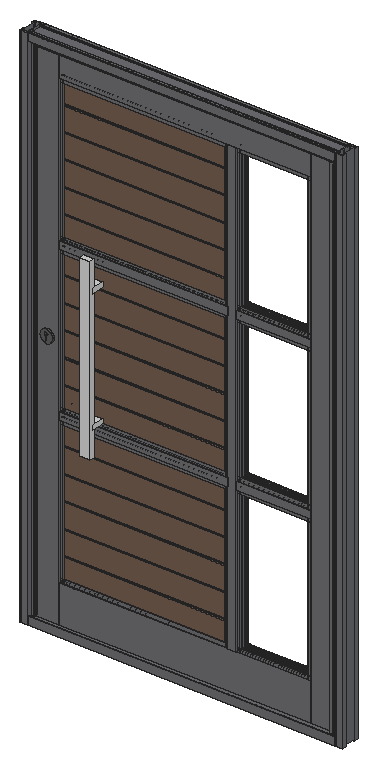
Revit family "Y1321P Y6 CH K RH", category Doors, host Wall, Revit 2024 (continued)
Automatic sketch dimensions
  Extrusion 12 sketch curve to host wall = 19.7 mm
  Extrusion 12 sketch curve to Extrusion 12 sketch curve = 4.4 mm  (x2)
  Extrusion 12 sketch curve to Extrusion 12 sketch curve = 2.6 mm  (x2)
  Extrusion 12 sketch curve to Extrusion 12 sketch curve = 4.95 mm
  plane 5 to Extrusion 12 sketch curve = 46.5 mm
  Extrusion 12 sketch curve to Extrusion 12 sketch curve = 2 mm  (x4)
  Extrusion 12 sketch curve to Extrusion 12 sketch curve = 12.447 mm  (x4)
  Extrusion 12 sketch curve to Extrusion 12 sketch curve = 0.953 mm  (x20)
  Extrusion 12 sketch curve to Extrusion 12 sketch curve = 3 mm  (x11)
  Extrusion 12 sketch curve to Extrusion 12 sketch curve = 10.747 mm  (x3)
  Extrusion 12 sketch curve to Extrusion 12 sketch curve = 30.295 mm  (x2)
  Extrusion 12 sketch curve to Extrusion 12 sketch curve = 7.947 mm  (x2)
  Extrusion 12 sketch curve to Extrusion 12 sketch curve = 10.547 mm  (x2)
  Extrusion 12 sketch curve to Extrusion 12 sketch curve = 0.8 mm
  Extrusion 12 sketch curve to Extrusion 12 sketch curve = 1.205 mm
  Extrusion 12 sketch curve to Extrusion 12 sketch curve = 1.293 mm  (x2)
  Extrusion 12 sketch curve to Extrusion 12 sketch curve = 0.241 mm  (x2)
  Extrusion 12 sketch curve to Extrusion 12 sketch curve = 0.402 mm  (x2)
  Extrusion 12 sketch curve to Extrusion 12 sketch curve = 10.607 mm  (x2)
  Extrusion 12 sketch curve to Extrusion 12 sketch curve = 0.693 mm  (x2)
  Extrusion 12 sketch curve to Extrusion 12 sketch curve = 2.5 mm  (x2)
  Extrusion 12 sketch curve to Extrusion 12 sketch curve = 1.2 mm  (x2)
  level to Extrusion 12 sketch curve = 198.5 mm
  Extrusion 12 sketch curve to Extrusion 12 sketch curve = 0.993 mm
  Extrusion 12 sketch curve to Extrusion 12 sketch curve = 1.066 mm
  Extrusion 12 sketch curve to Extrusion 12 sketch curve = 0.405 mm
  level to Extrusion 12 sketch curve = 70.953 mm
  Extrusion 13 sketch curve to host wall = 0 mm
  Extrusion 13 sketch curve to host wall = 20 mm
  Extrusion 13 sketch curve to plane 3 "Left" = 269.704 mm
  Extrusion 13 sketch curve to Extrusion 13 sketch curve = 40 mm
  Extrusion 14 sketch curve to plane 3 "Left" = 269.704 mm  (x2)
  Extrusion 14 sketch curve to Extrusion 14 sketch curve = 40 mm  (x2)
  level to Extrusion 14 sketch curve = 805 mm
  Extrusion 14 sketch curve to Extrusion 14 sketch curve = 20 mm  (x2)
  Extrusion 14 sketch curve to Extrusion 14 sketch curve = 470 mm
  Extrusion 15 sketch curve to host wall = 18 mm
  Extrusion 15 sketch curve to plane 3 "Left" = 269.704 mm
  host wall to Extrusion 15 sketch curve = 2 mm
  Extrusion 15 sketch curve to Extrusion 15 sketch curve = 40 mm
  Extrusion 16 sketch curve to plane 3 "Left" = 269.704 mm  (x2)
  Extrusion 16 sketch curve to Extrusion 16 sketch curve = 40 mm  (x2)
  plane 5 to Extrusion 16 sketch curve = 805 mm
  Extrusion 16 sketch curve to Extrusion 16 sketch curve = 20 mm  (x2)
  Extrusion 16 sketch curve to Extrusion 16 sketch curve = 470 mm
  Extrusion 17 sketch curve to host wall = 22 mm  (x2)
  Extrusion 17 sketch curve to Extrusion 17 sketch curve = 1.8 mm  (x13)
  Extrusion 17 sketch curve to Extrusion 17 sketch curve = 4.9 mm  (x4)
  Extrusion 17 sketch curve to Extrusion 17 sketch curve = 1.4 mm  (x10)
  Extrusion 17 sketch curve to Extrusion 17 sketch curve = 0.4 mm  (x11)
  Extrusion 17 sketch curve to Extrusion 17 sketch curve = 1.5 mm  (x4)
  host wall to Extrusion 17 sketch curve = 2 mm  (x4)
  Extrusion 17 sketch curve to Extrusion 17 sketch curve = 3 mm  (x4)
  host wall to Extrusion 17 sketch curve = 14 mm  (x4)
  Extrusion 17 sketch curve to Extrusion 17 sketch curve = 8.4 mm  (x3)
  Extrusion 17 sketch curve to Extrusion 17 sketch curve = 1.2 mm  (x10)
  Extrusion 17 sketch curve to Extrusion 17 sketch curve = 1.6 mm  (x2)
  Extrusion 17 sketch curve to Extrusion 17 sketch curve = 1.381 mm  (x2)
  Extrusion 17 sketch curve to Extrusion 17 sketch curve = 3.619 mm  (x2)
  level to Extrusion 17 sketch curve = 749.9 mm
  Extrusion 17 sketch curve to Extrusion 17 sketch curve = 2.207 mm  (x2)
  Extrusion 17 sketch curve to Extrusion 17 sketch curve = 0.693 mm  (x4)
  Extrusion 17 sketch curve to Extrusion 17 sketch curve = 10.9 mm  (x2)
  Extrusion 17 sketch curve to Extrusion 17 sketch curve = 0 mm  (x5)
  Extrusion 17 sketch curve to Extrusion 17 sketch curve = 0.975 mm  (x6)
  Extrusion 17 sketch curve to Extrusion 17 sketch curve = 0.131 mm  (x4)
  Extrusion 17 sketch curve to Extrusion 17 sketch curve = 0.262 mm  (x4)
  Extrusion 17 sketch curve to Extrusion 17 sketch curve = 0.563 mm
  Extrusion 17 sketch curve to Extrusion 17 sketch curve = 1.494 mm  (x4)
  Extrusion 17 sketch curve to Extrusion 17 sketch curve = 21.2 mm  (x2)
  Extrusion 17 sketch curve to Extrusion 17 sketch curve = 1.363 mm  (x2)
  Extrusion 17 sketch curve to Extrusion 17 sketch curve = 10.607 mm  (x2)
  Extrusion 17 sketch curve to Extrusion 17 sketch curve = 2.5 mm  (x2)
  Extrusion 17 sketch curve to Extrusion 17 sketch curve = 552.2 mm
  Extrusion 17 sketch curve to Extrusion 17 sketch curve = 0.694 mm
  Extrusion 18 sketch curve to host wall = 22 mm  (x2)
  Extrusion 18 sketch curve to Extrusion 18 sketch curve = 1.8 mm  (x13)
  Extrusion 18 sketch curve to Extrusion 18 sketch curve = 4.9 mm  (x4)
  Extrusion 18 sketch curve to Extrusion 18 sketch curve = 1.4 mm  (x10)
  Extrusion 18 sketch curve to Extrusion 18 sketch curve = 0.4 mm  (x11)
  Extrusion 18 sketch curve to Extrusion 18 sketch curve = 1.5 mm  (x4)
  host wall to Extrusion 18 sketch curve = 2 mm  (x4)
  Extrusion 18 sketch curve to Extrusion 18 sketch curve = 3 mm  (x4)
  host wall to Extrusion 18 sketch curve = 14 mm  (x4)
  Extrusion 18 sketch curve to Extrusion 18 sketch curve = 8.4 mm  (x3)
  Extrusion 18 sketch curve to Extrusion 18 sketch curve = 1.2 mm  (x10)
  Extrusion 18 sketch curve to Extrusion 18 sketch curve = 1.6 mm  (x2)
  Extrusion 18 sketch curve to Extrusion 18 sketch curve = 1.381 mm  (x2)
  Extrusion 18 sketch curve to Extrusion 18 sketch curve = 3.619 mm  (x2)
  level to Extrusion 18 sketch curve = 749.9 mm
  Extrusion 18 sketch curve to Extrusion 18 sketch curve = 2.207 mm  (x2)
  Extrusion 18 sketch curve to Extrusion 18 sketch curve = 0.693 mm  (x4)
  Extrusion 18 sketch curve to Extrusion 18 sketch curve = 10.9 mm  (x2)
  Extrusion 18 sketch curve to Extrusion 18 sketch curve = 0 mm  (x5)
  Extrusion 18 sketch curve to Extrusion 18 sketch curve = 0.975 mm  (x6)
  Extrusion 18 sketch curve to Extrusion 18 sketch curve = 0.131 mm  (x4)
  Extrusion 18 sketch curve to Extrusion 18 sketch curve = 0.262 mm  (x4)
  Extrusion 18 sketch curve to Extrusion 18 sketch curve = 0.563 mm
  Extrusion 18 sketch curve to Extrusion 18 sketch curve = 1.494 mm  (x4)
  Extrusion 18 sketch curve to Extrusion 18 sketch curve = 21.2 mm  (x2)
  Extrusion 18 sketch curve to Extrusion 18 sketch curve = 1.363 mm  (x2)
  Extrusion 18 sketch curve to Extrusion 18 sketch curve = 10.607 mm  (x2)
  Extrusion 18 sketch curve to Extrusion 18 sketch curve = 2.5 mm  (x2)
  Extrusion 18 sketch curve to Extrusion 18 sketch curve = 552.2 mm
  Extrusion 18 sketch curve to Extrusion 18 sketch curve = 0.694 mm
  Extrusion 19 sketch curve to host wall = 22 mm
  Extrusion 19 sketch curve to Extrusion 19 sketch curve = 1.8 mm  (x6)
  Extrusion 19 sketch curve to Extrusion 19 sketch curve = 4.9 mm  (x2)
  Extrusion 19 sketch curve to Extrusion 19 sketch curve = 1.4 mm  (x5)
  Extrusion 19 sketch curve to Extrusion 19 sketch curve = 1.5 mm  (x2)
  host wall to Extrusion 19 sketch curve = 2 mm  (x2)
  Extrusion 19 sketch curve to Extrusion 19 sketch curve = 3 mm  (x2)
  Extrusion 19 sketch curve to Extrusion 19 sketch curve = 0.4 mm  (x5)
  host wall to Extrusion 19 sketch curve = 14 mm  (x2)
  Extrusion 19 sketch curve to Extrusion 19 sketch curve = 1.2 mm  (x7)
  Extrusion 19 sketch curve to Extrusion 19 sketch curve = 1.381 mm
  Extrusion 19 sketch curve to Extrusion 19 sketch curve = 3.2 mm
  plane 2 "Center (Left/Right)" to Extrusion 19 sketch curve = 158.5 mm
  Extrusion 19 sketch curve to Extrusion 19 sketch curve = 2.207 mm
  Extrusion 19 sketch curve to Extrusion 19 sketch curve = 0.693 mm  (x2)
  Extrusion 19 sketch curve to Extrusion 19 sketch curve = 10.9 mm
  Extrusion 19 sketch curve to Extrusion 19 sketch curve = 0 mm  (x2)
  Extrusion 19 sketch curve to Extrusion 19 sketch curve = 0.975 mm  (x4)
  Extrusion 19 sketch curve to Extrusion 19 sketch curve = 0.131 mm  (x2)
  Extrusion 19 sketch curve to Extrusion 19 sketch curve = 0.262 mm  (x2)
  Extrusion 19 sketch curve to Extrusion 19 sketch curve = 0.694 mm
  Extrusion 19 sketch curve to Extrusion 19 sketch curve = 0.563 mm
  Extrusion 19 sketch curve to Extrusion 19 sketch curve = 1.494 mm  (x2)
  Extrusion 19 sketch curve to Extrusion 19 sketch curve = 21.2 mm
  Extrusion 19 sketch curve to Extrusion 19 sketch curve = 1.363 mm
  Extrusion 19 sketch curve to Extrusion 19 sketch curve = 10.607 mm
  Extrusion 19 sketch curve to Extrusion 19 sketch curve = 2.5 mm
  plane 4 "Right" to Extrusion 20 sketch curve = 141.5 mm
  plane 2 "Center (Left/Right)" to Extrusion 20 sketch curve = 203.5 mm
  plane 5 to Extrusion 20 sketch curve = 742.9 mm
  Extrusion 20 sketch curve to Extrusion 20 sketch curve = 581.4 mm
  plane 4 "Right" to Extrusion 21 sketch curve = 141.5 mm
  plane 2 "Center (Left/Right)" to Extrusion 21 sketch curve = 203.5 mm
  level to Extrusion 21 sketch curve = 764.9 mm
  level to Extrusion 21 sketch curve = 183.5 mm
  host wall to Extrusion 22 sketch curve = 12 mm  (x4)
  Extrusion 22 sketch curve to Extrusion 22 sketch curve = 0 mm  (x11)
  host wall to Extrusion 22 sketch curve = 4.5 mm  (x5)
  Extrusion 22 sketch curve to host wall = 2.5 mm  (x5)
  Extrusion 22 sketch curve to Extrusion 22 sketch curve = 7.5 mm  (x6)
  plane 5 to Extrusion 22 sketch curve = 131.5 mm
  Extrusion 22 sketch curve to Extrusion 22 sketch curve = 90.2 mm  (x5)
  Extrusion 22 sketch curve to Extrusion 22 sketch curve = 8 mm  (x6)
  Extrusion 22 sketch curve to Extrusion 22 sketch curve = 90.4 mm
  host wall to Extrusion 23 sketch curve = 12 mm  (x4)
  Extrusion 23 sketch curve to Extrusion 23 sketch curve = 0 mm  (x11)
  host wall to Extrusion 23 sketch curve = 4.5 mm  (x5)
  Extrusion 23 sketch curve to host wall = 2.5 mm  (x5)
  Extrusion 23 sketch curve to Extrusion 23 sketch curve = 7.5 mm  (x6)
  plane 5 to Extrusion 23 sketch curve = 742.9 mm
  Extrusion 23 sketch curve to Extrusion 23 sketch curve = 90.2 mm  (x5)
  Extrusion 23 sketch curve to Extrusion 23 sketch curve = 8 mm  (x6)
  Extrusion 23 sketch curve to Extrusion 23 sketch curve = 90.4 mm
  host wall to Extrusion 24 sketch curve = 12 mm  (x4)
  Extrusion 24 sketch curve to Extrusion 24 sketch curve = 0 mm  (x11)
  host wall to Extrusion 24 sketch curve = 4.5 mm  (x5)
  Extrusion 24 sketch curve to host wall = 2.5 mm  (x5)
  Extrusion 24 sketch curve to Extrusion 24 sketch curve = 7.5 mm  (x6)
  level to Extrusion 24 sketch curve = 764.9 mm
  Extrusion 24 sketch curve to Extrusion 24 sketch curve = 90.2 mm  (x5)
  Extrusion 24 sketch curve to Extrusion 24 sketch curve = 8 mm  (x6)
  Extrusion 24 sketch curve to Extrusion 24 sketch curve = 90.4 mm
  plane 2 "Center (Left/Right)" to Sweep 25 sketch curve = 173.5 mm
  Sweep 25 sketch curve to plane 3 "Left" = 141.5 mm
  plane 5 to Sweep 25 sketch curve = 742.9 mm
  Sweep 25 sketch curve to Sweep 25 sketch curve = 582.2 mm
  profile plane to Sweep 25 sketch curve = 0 mm
  Sweep 25 sketch curve to Sweep 25 sketch curve = 0.6 mm  (x2)
  profile plane to Sweep 25 sketch curve = 1.9 mm
  Sweep 25 sketch curve to Sweep 25 sketch curve = 4.4 mm
  Sweep 25 sketch curve to Sweep 25 sketch curve = 1.2 mm  (x2)
  Sweep 25 sketch curve to Sweep 25 sketch curve = 1 mm  (x6)
  Sweep 25 sketch curve to Sweep 25 sketch curve = 1.5 mm
  Sweep 25 sketch curve to Sweep 25 sketch curve = 0.4 mm  (x2)
  Sweep 25 sketch curve to Sweep 25 sketch curve = 2 mm  (x4)
  Sweep 25 sketch curve to Sweep 25 sketch curve = 0.5 mm  (x2)
  Sweep 25 sketch curve to profile plane = 0.6 mm
  Sweep 25 sketch curve to Sweep 25 sketch curve = 1.1 mm
  Sweep 25 sketch curve to profile plane = 1.6 mm
  Sweep 25 sketch curve to Sweep 25 sketch curve = 0.75 mm
  profile plane to Sweep 25 sketch curve = 53 mm
  Sweep 25 sketch curve to Sweep 25 sketch curve = 1.4 mm
  Sweep 25 sketch curve to Sweep 25 sketch curve = 0 mm  (x2)
  Sweep 25 sketch curve to Sweep 25 sketch curve = 2.5 mm
  Sweep 25 sketch curve to Sweep 25 sketch curve = 8 mm
  Sweep 25 sketch curve to Sweep 25 sketch curve = 0.3 mm
  Sweep 25 sketch curve to Sweep 25 sketch curve = 10.5 mm
  Sweep 25 sketch curve to Sweep 25 sketch curve = 3.5 mm
  plane 2 "Center (Left/Right)" to Sweep 26 sketch curve = 173.5 mm
  Sweep 26 sketch curve to plane 3 "Left" = 141.5 mm
  level to Sweep 26 sketch curve = 764.9 mm
  level to Sweep 26 sketch curve = 183.5 mm
  profile plane to Sweep 26 sketch curve = 0 mm
  Sweep 26 sketch curve to Sweep 26 sketch curve = 0.6 mm  (x2)
  profile plane to Sweep 26 sketch curve = 1.9 mm
  Sweep 26 sketch curve to Sweep 26 sketch curve = 4.4 mm
  Sweep 26 sketch curve to Sweep 26 sketch curve = 1.2 mm  (x2)
  Sweep 26 sketch curve to Sweep 26 sketch curve = 1 mm  (x6)
  Sweep 26 sketch curve to Sweep 26 sketch curve = 1.5 mm
  Sweep 26 sketch curve to Sweep 26 sketch curve = 0.4 mm  (x2)
  Sweep 26 sketch curve to Sweep 26 sketch curve = 2 mm  (x4)
  Sweep 26 sketch curve to Sweep 26 sketch curve = 0.5 mm  (x2)
  Sweep 26 sketch curve to profile plane = 0.6 mm
  Sweep 26 sketch curve to Sweep 26 sketch curve = 1.1 mm
  Sweep 26 sketch curve to profile plane = 1.6 mm
  Sweep 26 sketch curve to Sweep 26 sketch curve = 0.75 mm
  profile plane to Sweep 26 sketch curve = 53 mm
  Sweep 26 sketch curve to Sweep 26 sketch curve = 1.4 mm
  Sweep 26 sketch curve to Sweep 26 sketch curve = 0 mm  (x2)
  Sweep 26 sketch curve to Sweep 26 sketch curve = 2.5 mm
  Sweep 26 sketch curve to Sweep 26 sketch curve = 8 mm
  Sweep 26 sketch curve to Sweep 26 sketch curve = 0.3 mm
  Sweep 26 sketch curve to Sweep 26 sketch curve = 10.5 mm
  Sweep 26 sketch curve to Sweep 26 sketch curve = 3.5 mm
  plane 4 "Right" to Sweep 27 sketch curve = 141.5 mm
  plane 2 "Center (Left/Right)" to Sweep 27 sketch curve = 203.5 mm
  plane 5 to Sweep 27 sketch curve = 130.4 mm
  Sweep 27 sketch curve to Sweep 27 sketch curve = 582.5 mm
  profile plane to Sweep 27 sketch curve = 0 mm
  Sweep 27 sketch curve to Sweep 27 sketch curve = 0.6 mm  (x2)
  profile plane to Sweep 27 sketch curve = 1.9 mm
  Sweep 27 sketch curve to Sweep 27 sketch curve = 4.4 mm
  Sweep 27 sketch curve to Sweep 27 sketch curve = 1.2 mm  (x2)
  Sweep 27 sketch curve to Sweep 27 sketch curve = 1 mm  (x6)
  Sweep 27 sketch curve to Sweep 27 sketch curve = 1.5 mm
  Sweep 27 sketch curve to Sweep 27 sketch curve = 0.4 mm  (x2)
  Sweep 27 sketch curve to Sweep 27 sketch curve = 2 mm  (x4)
  Sweep 27 sketch curve to Sweep 27 sketch curve = 0.5 mm  (x2)
  Sweep 27 sketch curve to profile plane = 0.6 mm
  Sweep 27 sketch curve to Sweep 27 sketch curve = 1.1 mm
  Sweep 27 sketch curve to profile plane = 1.6 mm
  Sweep 27 sketch curve to Sweep 27 sketch curve = 0.75 mm
  profile plane to Sweep 27 sketch curve = 53 mm
  Sweep 27 sketch curve to Sweep 27 sketch curve = 1.4 mm
  Sweep 27 sketch curve to Sweep 27 sketch curve = 0 mm  (x2)
  Sweep 27 sketch curve to Sweep 27 sketch curve = 2.5 mm
  Sweep 27 sketch curve to Sweep 27 sketch curve = 8 mm
  Sweep 27 sketch curve to Sweep 27 sketch curve = 0.3 mm
  Sweep 27 sketch curve to Sweep 27 sketch curve = 10.5 mm
  Sweep 27 sketch curve to Sweep 27 sketch curve = 3.5 mm
  profile plane to Sweep 28 sketch curve = 0 mm
  Sweep 28 sketch curve to Sweep 28 sketch curve = 0.6 mm  (x2)
  profile plane to Sweep 28 sketch curve = 1.9 mm
  Sweep 28 sketch curve to Sweep 28 sketch curve = 4.4 mm
  Sweep 28 sketch curve to Sweep 28 sketch curve = 1.2 mm  (x2)
  Sweep 28 sketch curve to Sweep 28 sketch curve = 1 mm  (x6)
  Sweep 28 sketch curve to Sweep 28 sketch curve = 1.5 mm
  Sweep 28 sketch curve to Sweep 28 sketch curve = 0.4 mm  (x2)
  Sweep 28 sketch curve to Sweep 28 sketch curve = 2 mm  (x4)
  Sweep 28 sketch curve to Sweep 28 sketch curve = 0.5 mm  (x2)
  Sweep 28 sketch curve to profile plane = 0.6 mm
  Sweep 28 sketch curve to Sweep 28 sketch curve = 1.1 mm
  Sweep 28 sketch curve to profile plane = 1.6 mm
  Sweep 28 sketch curve to Sweep 28 sketch curve = 0.75 mm
  profile plane to Sweep 28 sketch curve = 53 mm
  Sweep 28 sketch curve to Sweep 28 sketch curve = 1.4 mm
  Sweep 28 sketch curve to Sweep 28 sketch curve = 0 mm  (x2)
  Sweep 28 sketch curve to Sweep 28 sketch curve = 2.5 mm
  Sweep 28 sketch curve to Sweep 28 sketch curve = 8 mm
  Sweep 28 sketch curve to Sweep 28 sketch curve = 0.3 mm
  Sweep 28 sketch curve to Sweep 28 sketch curve = 10.5 mm
  Sweep 28 sketch curve to Sweep 28 sketch curve = 3.5 mm
  profile plane to Sweep 29 sketch curve = 0 mm
  Sweep 29 sketch curve to Sweep 29 sketch curve = 0.6 mm  (x2)
  profile plane to Sweep 29 sketch curve = 1.9 mm
  Sweep 29 sketch curve to Sweep 29 sketch curve = 4.4 mm
  Sweep 29 sketch curve to Sweep 29 sketch curve = 1.2 mm  (x2)
  Sweep 29 sketch curve to Sweep 29 sketch curve = 1 mm  (x6)
  Sweep 29 sketch curve to Sweep 29 sketch curve = 1.5 mm
  Sweep 29 sketch curve to Sweep 29 sketch curve = 0.4 mm  (x2)
  Sweep 29 sketch curve to Sweep 29 sketch curve = 2 mm  (x4)
  Sweep 29 sketch curve to Sweep 29 sketch curve = 0.5 mm  (x2)
  Sweep 29 sketch curve to profile plane = 0.6 mm
  Sweep 29 sketch curve to Sweep 29 sketch curve = 1.1 mm
  Sweep 29 sketch curve to profile plane = 1.6 mm
  Sweep 29 sketch curve to Sweep 29 sketch curve = 0.75 mm
  profile plane to Sweep 29 sketch curve = 53 mm
  Sweep 29 sketch curve to Sweep 29 sketch curve = 1.4 mm
  Sweep 29 sketch curve to Sweep 29 sketch curve = 0 mm  (x2)
  Sweep 29 sketch curve to Sweep 29 sketch curve = 2.5 mm
  Sweep 29 sketch curve to Sweep 29 sketch curve = 8 mm
  Sweep 29 sketch curve to Sweep 29 sketch curve = 0.3 mm
  Sweep 29 sketch curve to Sweep 29 sketch curve = 10.5 mm
  Sweep 29 sketch curve to Sweep 29 sketch curve = 3.5 mm
  plane 4 "Right" to Sweep 28 sketch curve = 141.5 mm
  plane 2 "Center (Left/Right)" to Sweep 28 sketch curve = 203.5 mm
  plane 5 to Sweep 28 sketch curve = 742.9 mm
  Sweep 28 sketch curve to Sweep 28 sketch curve = 582.2 mm
  plane 4 "Right" to Sweep 29 sketch curve = 141.5 mm
  plane 2 "Center (Left/Right)" to Sweep 29 sketch curve = 203.5 mm
  level to Sweep 29 sketch curve = 764.9 mm
  level to Sweep 29 sketch curve = 182.979 mm
  radius of Extrusion 7 sketch curve = 25 mm
  radius of Extrusion 8 sketch curve = 25 mm
